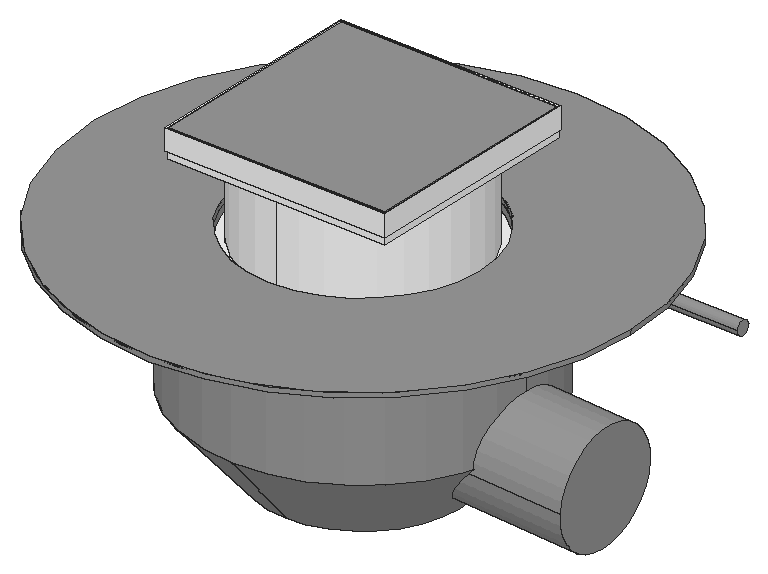
Revit family "HL_RU_Roof drain_HL64.1BF-B-221103", category Instalační zařizovací předměty, Revit 2021
Family settings
  Kóta kulaté spojky = Použít průměr
  Typ dílu = Normální
  Číslo OmniClass = 23.70.50.21.24.14
  Nadpis OmniClass = Deck Waste Water Drains
  Založené na pracovní rovině = Ne
  Vždy vertikální = Ano
  Ořezat dutým tvarem při načtení = Ne
  Sdílené = Ne
  Bod výpočtu místnosti = Ano
Parameters
  РЕШЁТКА = "Edelstahl 137x137mm"
  РАЗМЕР = "DN75"
  ПРОПУСКНАЯ СПОСОБНОСТЬ [instance] = 0.0 L/s
  ПРОИЗВОДИТЕЛЬНОСТЬ = "3,7 l/s"
  ПРАВОВАЯ ИНФОРМАЦИЯ = "Авторские права(©), права на дизайн или какие либо другие права интелектуальной собственности являются исключительной собственностью компании HL Hutterer & Lechner. Изменению не подлежит. Файл семейства с данными о прозводителе изделия защищен паролем с водяным знаком."
  НОМИНАЛЬНЫЙ ДИАМЕТР = 75 mm
  НАСАДКА = "19-65mm/148x148mm"
  МАТЕРИАЛ = "PP"
  МАКСИМАЛЬНАЯ НАГРУЗКА КЛАССА = "K - 300 kg"
  ВЕС = "1,16 [kg]"
  Výchozí výška = 0 mm
  Výrobce = "HL Hutterer & Lechner GmbH"  # constant formula
  URL = "http://www.hutterer-lechner.com/ru/products/catalog/roof-drains/HL64.1BF/7.aspx"
  Материал плитка [instance] = none
  Přípoj ventilace = no
  Přípoj odpadních dílů = yes
  Přípoj HW = no
  Přípoj CW = no
  Popis = "Кровельные воронки"
  Model = "HL64.1BF_7"
  Assembly Code = " "
  Type Comments = "HL64.1BF/7 Кровельная воронка DN75 для эксплуатируемой кровли, горизонтальный выпуск, с ПП_фланцем и электрообогревом (10_30W/230V),"
  Keynote = "HL64.1BF_7"
  EAN = "9003076031566"
  Bысота монтажа [instance] = 65 mm  # constant formula
  G [instance] = 90.00°  # constant formula
  D [instance] = if(НОМИНАЛЬНЫЙ ДИАМЕТР = 75 mm, 162.8 mm, 178 mm)  # 162.8 mm
  C [instance] = if(Bысота монтажа - 68 mm < 0 mm, 0 mm, Bысота монтажа - 68 mm)  # 0 mm
  B [instance] = Bысота монтажа + if(НОМИНАЛЬНЫЙ ДИАМЕТР = 75 mm, 101.7 mm, 84 mm)  # 166.7 mm
  A [instance] = if(B - 100 mm > 15 mm, B - 100 mm, 15 mm)  # 66.7 mm
Types (3, lengths in mm): name | РАЗМЕР | НОМИНАЛЬНЫЙ ДИАМЕТР | ВЕС | URL | Model | Type Comments | Keynote | EAN | D | B | A
  (no name) | "DN75" | 75 | "1,16 [kg]" | "http://www.hutterer-lechner.com/ru/products/catalog/roof-drains/HL64.1BF/7.aspx" | "HL64.1BF_7" | "HL64.1BF/7 Кровельная воронка DN75 для эксплуатируемой кровли, горизонтальный выпуск, с ПП_фланцем и электрообогревом (10_30W/230V)," | "HL64.1BF_7" | "9003076031566" | 162.8 | 166.7 | 66.7
  HL_Кровельная воронка_HL64.1BF_1 | "DN110" | 110 | "1,18 [kg]" | "http://www.hutterer-lechner.com/ru/products/catalog/roof-drains/HL64.1BF/1.aspx" | "HL64.1BF_1" | "HL64.1BF/1 Кровельная воронка DN110 для эксплуатируемой кровли, горизонтальный выпуск, с ПП_фланцем и электрообогревом (10_30W/230V)," | "HL64.1BF_1" | "9003076031580" | 178 | 149 | 49
  HL_Кровельная воронка_HL64.1BF_7 | "DN75" | 75 | "1,16 [kg]" | "http://www.hutterer-lechner.com/ru/products/catalog/roof-drains/HL64.1BF/7.aspx" | "HL64.1BF_7" | "HL64.1BF/7 Кровельная воронка DN75 для эксплуатируемой кровли, горизонтальный выпуск, с ПП_фланцем и электрообогревом (10_30W/230V)," | "HL64.1BF_7" | "9003076031566" | 162.8 | 166.7 | 66.7
Reference planes
  plane 1 "Center (Front/Back)": y = 0
  plane 2: z = 0
  plane 3 "Center (Left/Right)": x = 0
  plane 4: z = -166.7
  plane 5: z = -65
Lines and regions (mm)
  model lines, style "InvisibleLines"
    curve 1: line (0, 0, 0) -> (0, 0, 20)
  model lines, style "PlumbingFixtures", detail levels coarse+medium
    curve 2: line (0, 0, -166.7) -> (0, 0, -100)
    curve 3: line (0, 0, -100) -> (-100, 0, 0)
    curve 4: line (0, 0, -100) -> (100, 0, 0)
    curve 6: line (0, 0, -166.7) -> (162.8, 0, -166.7)
  reference lines, not visible
    curve 5: line (0, 0, -166.7) -> (162.8, 0, -166.7)
  symbolic lines, style "PlumbingFixtures", detail levels coarse+medium
    curve 7: line (-75, 75, 0) -> (75, 75, 0)
    curve 8: line (-75, -75, 0) -> (-75, 75, 0)
    curve 9: line (75, -75, 0) -> (-75, -75, 0)
    curve 10: line (75, 75, 0) -> (75, -75, 0)
    curve 11: line (-75, 75, 0) -> (-145.711, 145.711, 0)
    curve 12: line (75, 75, 0) -> (145.711, 145.711, 0)
    curve 13: line (-75, -75, 0) -> (-145.711, -145.711, 0)
    curve 14: line (75, -75, 0) -> (145.711, -145.711, 0)
  symbolic lines, style "PlumbingFixtures", not visible, detail levels coarse+medium
    curve 15: line (-75, 75, 0) -> (75, 75, 0)
    curve 16: line (-75, -75, 0) -> (-75, 75, 0)
    curve 17: line (75, -75, 0) -> (-75, -75, 0)
    curve 18: line (75, 75, 0) -> (75, -75, 0)
    curve 19: line (-75, 75, 0) -> (-145.711, 145.711, 0)
    curve 20: line (75, 75, 0) -> (145.711, 145.711, 0)
    curve 21: line (-75, -75, 0) -> (-145.711, -145.711, 0)
    curve 22: line (75, -75, 0) -> (145.711, -145.711, 0)
Text (mm)
  text "FLOOR" at (-162.344, 0, -10.979), in view "Drain Construction View"
Dimensions and locks
  "B": plane 2 to plane 4
  "Bысота монтажа": plane 2 to plane 5
  "A": curve 4 to plane 4
  "D": curve 5 to curve 5
  "D": curve 6 to curve 6
  locked: curve 4 to plane 3 "Center (Left/Right)" (angle 45.00°)
  locked: plane 3 "Center (Left/Right)" to curve 3 (angle 45.00°)
  "G": angle curve 5 to plane 3 "Center (Left/Right)"
  aligned and locked: level to plane 2
  aligned and locked: plane 2 to curve 4
  aligned and locked: plane 2 to curve 3
  aligned and locked: plane 4 to curve 5
  aligned and locked: plane 3 "Center (Left/Right)" to curve 5
  aligned and locked: plane 4 to curve 2
  aligned and locked: plane 3 "Center (Left/Right)" to curve 6
  aligned and locked: plane 4 to curve 6
  aligned and locked: plane 2 to nested 1
  aligned and locked: nested 2 to plane 5
Automatic sketch dimensions
  curve 2 to plane 3 "Center (Left/Right)" = 0 mm
  curve 1 to plane 3 "Center (Left/Right)" = 0 mm
  curve 1 to level = 0 mm
  curve 1 to curve 1 = 20 mm
Nested families
  nested 1: "HL_Насадка_HL66.9S" at (0, 0, 0), Bысота монтажа <- "Bысота монтажа", type "HL_Grate frame_HL66.9S"
    with L 93 mm, IHmin 12 mm, IHmax 65 mm, Bысота монтажа 65 mm
  nested 2: "HL_кровельные воронки - корпус_HL64.1F" at (0, 0, -64.538), НОМИНАЛЬНЫЙ ДИАМЕТР <- "НОМИНАЛЬНЫЙ ДИАМЕТР", type "HL_кровельные воронки - корпус_HL64.1F"
    with НОМИНАЛЬНЫЙ ДИАМЕТР 75 mm, Q02 93.275 mm, Q 150 mm, L 163 mm, B 101.5 mm, A 93.5 mm
Connectors
  piping at (162.8, 0, -166.7), diameter 75, driven by "ПРОПУСКНАЯ СПОСОБНОСТЬ", driven by "НОМИНАЛЬНЫЙ ДИАМЕТР"
    settings: on curve 5, index 1, connector inside diameter 609.6 mm, connector length 0 mm, flow factor 0, pipe flow 0.0 L/s, pressure drop 0.0 Pa, fitting loss kfactor 0, connector angle 0.00°, fixture units 0, engagement length 0 mm, angle of deflection 0.00°, flow configuration 1, flow direction 2, fitting loss method 0, system type 16, joint type 0, gender type 0, connector reference index -1, connector utility 0, adjustable connector yes, is connector primary yes, connector description ""
Definition of nested family "HL_Насадка_HL66.9S"
  Parameters (values of type "HL_Grate frame_HL66.9S")
    РЕШЁТКА = "Edelstahl 138x138mm"
    РАЗМЕР = "d 145 mm"
    ПРАВОВАЯ ИНФОРМАЦИЯ = "Авторские права(©), права на дизайн или какие либо другие права интелектуальной собственности являются исключительной собственностью компании HL Hutterer & Lechner. Изменению не подлежит. Файл семейства с данными о прозводителе изделия защищен паролем с водяным знаком."
    НАСАДКА = "147x147mm"
    МАТЕРИАЛ = "PP"
    МАКСИМАЛЬНАЯ НАГРУЗКА КЛАССА = "K - 300 kg"
    ВЫСОТА МОНТАЖА = "12-65mm"
    Материал плитка = none
    ВЕС = "0,345 [kg]"
    Default Elevation = 0 mm
    L [instance] = if(Bысота монтажа < IHmin, -100 mm, if(Bысота монтажа > IHmax, -100 mm, Bысота монтажа + 28 mm))  # 93 mm
    Manufacturer = "HL Hutterer & Lechner GmbH"
    URL = "http://www.hutterer-lechner.com/ru/products/catalog/roof-drains/HL66.9.aspx"
    Description = "Кровельные воронки"
    Model = "HL66.9"
    Type Comments = "HL66.9, Насадка d 145мм с бороздками/147х147мм/138х138мм"
    Keynote = "HL66.9"
    Bысота монтажа [instance] = 65 mm
    IHmin [instance] = 12 mm
    IHmax [instance] = 65 mm
    EAN = "9003076014606"
    Cost = 0
  Reference planes
    plane 1 "Střed (vpředu/vzadu)": y = 0
    plane 2: z = 0
    plane 3 "Střed (vlevo/vpravo)": x = 0
  Forms (mm)
    Revolve 1, solid, detail levels fine
      sketch origin (0, 0, 128) x (0, 1, 0) y (0, 0, 1)
        loop
          line (72.5, -142) -> (69.248, -142) -> (69.248, -221) -> (72.5, -221) -> (72.5, -142)
        axis (0, -142) -> (0, -221)
      angle from 0 to 360
    Extrusion 2, solid, detail levels fine
      sketch origin (-1.537, 0, -14.6) x (0, 1, 0) y (-1, 0, 0)
        loop
          line (74, 72.459) -> (-74, 72.459) -> (-74, -75.537) -> (74, -75.537) -> (74, 72.459)
        loop
          line (73, 71.463) -> (-73, 71.463) -> (-73, -74.537) -> (73, -74.537) -> (73, 71.463)
      from 0.6 to 14.6
    Extrusion 3, solid, detail levels fine
      sketch origin (-1.537, 0, -14) x (-1, 0, 0) y (0, 1, 0)
        loop
          line (71.463, 73) -> (-74.537, 73) -> (-74.537, -73) -> (71.463, -73) -> (71.463, 73)
        loop
          circle (-1.537, 0) r 72.5
      from 0 to 5
    Extrusion 4, solid, detail levels fine
      sketch origin (-1.537, 0, -14) x (-1, 0, 0) y (0, -1, 0)
        loop
          line (70.95, -72.397) -> (70.95, 72.463) -> (-74.05, 72.463) -> (-74.05, -72.397) -> (70.95, -72.397)
      from 0 to 14
    Revolve 5, solid, detail levels fine
      sketch origin (0, 75.989, -93) x (0, -1, 0) y (0, 0, -1)
        loop
          line (3.489, -20) -> (3.489, 0) -> (0.186, 0) -> (-2.325, -2.511) -> (-2.325, -20) -> (3.489, -20)
        axis (75.989, -20) -> (75.989, 0)
      angle from 0 to 360
  Lines and regions (mm)
    model lines, detail levels fine
      curve 1: line (36.25, 24.325, 0) -> (36.25, -24.42, 0)
      curve 2: line (43.75, -24.42, 0) -> (43.75, 24.325, 0)
      curve 3: line (52.25, 40.306, 0) -> (52.25, -40.355, 0)
      curve 4: line (59.75, -40.355, 0) -> (59.75, 40.306, 0)
      curve 5: line (20.25, 8.588, 0) -> (20.25, -8.684, 0)
      curve 6: line (27.75, -8.684, 0) -> (27.75, 8.588, 0)
      curve 7: arc (27.75, 8.588, 0) -> (24, 12.338, 0) -> (20.25, 8.588, 0) r 3.75
      curve 8: arc (20.25, -8.684, 0) -> (24, -12.434, 0) -> (27.75, -8.684, 0) r 3.75
      curve 9: arc (36.25, -24.42, 0) -> (40, -28.17, 0) -> (43.75, -24.42, 0) r 3.75
      curve 10: arc (43.75, 24.325, 0) -> (40, 28.075, 0) -> (36.25, 24.325, 0) r 3.75
      curve 11: arc (59.75, 40.306, 0) -> (56, 44.056, 0) -> (52.25, 40.306, 0) r 3.75
      curve 12: arc (52.25, -40.355, 0) -> (56, -44.105, 0) -> (59.75, -40.355, 0) r 3.75
      curve 13: line (-24.325, -36.25, 0) -> (24.42, -36.25, 0)
      curve 14: line (24.42, -43.75, 0) -> (-24.325, -43.75, 0)
      curve 15: line (-40.306, -52.25, 0) -> (40.355, -52.25, 0)
      curve 16: line (40.355, -59.75, 0) -> (-40.306, -59.75, 0)
      curve 17: line (-8.588, -20.25, 0) -> (8.684, -20.25, 0)
      curve 18: line (8.684, -27.75, 0) -> (-8.588, -27.75, 0)
      curve 19: arc (-8.588, -27.75, 0) -> (-12.338, -24, 0) -> (-8.588, -20.25, 0) r 3.75
      curve 20: arc (8.684, -20.25, 0) -> (12.434, -24, 0) -> (8.684, -27.75, 0) r 3.75
      curve 21: arc (24.42, -36.25, 0) -> (28.17, -40, 0) -> (24.42, -43.75, 0) r 3.75
      curve 22: arc (-24.325, -43.75, 0) -> (-28.075, -40, 0) -> (-24.325, -36.25, 0) r 3.75
      curve 23: arc (-40.306, -59.75, 0) -> (-44.056, -56, 0) -> (-40.306, -52.25, 0) r 3.75
      curve 24: arc (40.355, -52.25, 0) -> (44.105, -56, 0) -> (40.355, -59.75, 0) r 3.75
      curve 25: line (36.25, -24.42, 0) -> (36.25, 24.325, 0)
      curve 26: line (43.75, 24.325, 0) -> (43.75, -24.42, 0)
      curve 27: line (52.25, -40.355, 0) -> (52.25, 40.306, 0)
      curve 28: line (59.75, 40.306, 0) -> (59.75, -40.355, 0)
      curve 29: line (20.25, -8.684, 0) -> (20.25, 8.588, 0)
      curve 30: line (27.75, 8.588, 0) -> (27.75, -8.684, 0)
      curve 31: arc (27.75, -8.588, 0) -> (24, -12.338, 0) -> (20.25, -8.588, 0) r 3.75
      curve 32: arc (20.25, 8.684, 0) -> (24, 12.434, 0) -> (27.75, 8.684, 0) r 3.75
      curve 33: arc (36.25, 24.42, 0) -> (40, 28.17, 0) -> (43.75, 24.42, 0) r 3.75
      curve 34: arc (43.75, -24.325, 0) -> (40, -28.075, 0) -> (36.25, -24.325, 0) r 3.75
      curve 35: arc (59.75, -40.306, 0) -> (56, -44.056, 0) -> (52.25, -40.306, 0) r 3.75
      curve 36: arc (52.25, 40.355, 0) -> (56, 44.105, 0) -> (59.75, 40.355, 0) r 3.75
      curve 37: line (24.42, -36.25, 0) -> (-24.325, -36.25, 0)
      curve 38: line (-24.325, -43.75, 0) -> (24.42, -43.75, 0)
      curve 39: line (40.355, -52.25, 0) -> (-40.306, -52.25, 0)
      curve 40: line (-40.306, -59.75, 0) -> (40.355, -59.75, 0)
      curve 41: line (8.684, -20.25, 0) -> (-8.588, -20.25, 0)
      curve 42: line (-8.588, -27.75, 0) -> (8.684, -27.75, 0)
      curve 43: arc (8.588, -27.75, 0) -> (12.338, -24, 0) -> (8.588, -20.25, 0) r 3.75
      curve 44: arc (-8.684, -20.25, 0) -> (-12.434, -24, 0) -> (-8.684, -27.75, 0) r 3.75
      curve 45: arc (-24.42, -36.25, 0) -> (-28.17, -40, 0) -> (-24.42, -43.75, 0) r 3.75
      curve 46: arc (24.325, -43.75, 0) -> (28.075, -40, 0) -> (24.325, -36.25, 0) r 3.75
      curve 47: arc (40.306, -59.75, 0) -> (44.056, -56, 0) -> (40.306, -52.25, 0) r 3.75
      curve 48: arc (-40.355, -52.25, 0) -> (-44.105, -56, 0) -> (-40.355, -59.75, 0) r 3.75
      curve 49: line (-36.25, 24.325, 0) -> (-36.25, -24.325, 0)
      curve 50: line (-43.75, -24.325, 0) -> (-43.75, 24.325, 0)
      curve 51: line (-52.25, 40.306, 0) -> (-52.25, -40.306, 0)
      curve 52: line (-59.75, -40.306, 0) -> (-59.75, 40.306, 0)
      curve 53: line (-20.25, 8.588, 0) -> (-20.25, -8.588, 0)
      curve 54: line (-27.75, -8.684, 0) -> (-27.75, 8.588, 0)
      curve 55: arc (-27.75, 8.588, 0) -> (-24, 12.338, 0) -> (-20.25, 8.588, 0) r 3.75
      curve 56: arc (-20.25, -8.684, 0) -> (-24, -12.434, 0) -> (-27.75, -8.684, 0) r 3.75
      curve 57: arc (-43.75, 24.325, 0) -> (-40, 28.075, 0) -> (-36.25, 24.325, 0) r 3.75
      curve 58: arc (-59.75, 40.306, 0) -> (-56, 44.056, 0) -> (-52.25, 40.306, 0) r 3.75
      curve 59: line (-36.25, -24.325, 0) -> (-36.25, 24.325, 0)
      curve 60: line (-43.75, 24.325, 0) -> (-43.75, -24.325, 0)
      curve 61: line (-52.25, -40.306, 0) -> (-52.25, 40.306, 0)
      curve 62: line (-59.75, 40.306, 0) -> (-59.75, -40.306, 0)
      curve 63: line (-20.25, -8.588, 0) -> (-20.25, 8.588, 0)
      curve 64: line (-27.75, 8.588, 0) -> (-27.75, -8.684, 0)
      curve 65: arc (-27.75, -8.588, 0) -> (-24, -12.338, 0) -> (-20.25, -8.588, 0) r 3.75
      curve 66: arc (-20.25, 8.684, 0) -> (-24, 12.434, 0) -> (-27.75, 8.684, 0) r 3.75
      curve 67: arc (-36.25, 24.42, 0) -> (-40, 28.17, 0) -> (-43.75, 24.42, 0) r 3.75
      curve 68: arc (-43.75, -24.325, 0) -> (-40, -28.075, 0) -> (-36.25, -24.325, 0) r 3.75
      curve 69: arc (-59.75, -40.306, 0) -> (-56, -44.056, 0) -> (-52.25, -40.306, 0) r 3.75
      curve 70: arc (-52.25, 40.355, 0) -> (-56, 44.105, 0) -> (-59.75, 40.355, 0) r 3.75
      curve 71: line (-24.42, 36.25, 0) -> (24.325, 36.25, 0)
      curve 72: line (24.42, 43.75, 0) -> (-24.42, 43.75, 0)
      curve 73: line (-40.355, 52.25, 0) -> (40.306, 52.25, 0)
      curve 74: line (40.306, 59.75, 0) -> (-40.355, 59.75, 0)
      curve 75: line (-8.588, 20.25, 0) -> (8.588, 20.25, 0)
      curve 76: line (8.684, 27.75, 0) -> (-8.588, 27.75, 0)
      curve 77: arc (-8.588, 27.75, 0) -> (-12.338, 24, 0) -> (-8.588, 20.25, 0) r 3.75
      curve 78: arc (8.684, 20.25, 0) -> (12.434, 24, 0) -> (8.684, 27.75, 0) r 3.75
      curve 79: arc (24.42, 36.25, 0) -> (28.17, 40, 0) -> (24.42, 43.75, 0) r 3.75
      curve 80: line (24.325, 36.25, 0) -> (-24.42, 36.25, 0)
      curve 81: line (-24.42, 43.75, 0) -> (24.42, 43.75, 0)
      curve 82: line (40.306, 52.25, 0) -> (-40.355, 52.25, 0)
      curve 83: line (-40.355, 59.75, 0) -> (40.306, 59.75, 0)
      curve 84: line (8.588, 20.25, 0) -> (-8.588, 20.25, 0)
      curve 85: line (-8.588, 27.75, 0) -> (8.684, 27.75, 0)
      curve 86: arc (8.588, 27.75, 0) -> (12.338, 24, 0) -> (8.588, 20.25, 0) r 3.75
      curve 87: arc (-8.684, 20.25, 0) -> (-12.434, 24, 0) -> (-8.684, 27.75, 0) r 3.75
      curve 88: arc (-24.42, 36.25, 0) -> (-28.17, 40, 0) -> (-24.42, 43.75, 0) r 3.75
      curve 89: arc (24.325, 43.75, 0) -> (28.075, 40, 0) -> (24.325, 36.25, 0) r 3.75
      curve 90: arc (40.306, 59.75, 0) -> (44.056, 56, 0) -> (40.306, 52.25, 0) r 3.75
      curve 91: arc (-40.355, 52.25, 0) -> (-44.105, 56, 0) -> (-40.355, 59.75, 0) r 3.75
    reference lines
      curve 92: line (0, 75.989, -93) -> (0, -174.011, -93)
  Dimensions and locks
    Extrusion 2 sketch curve to Extrusion 2 sketch curve = 147.996 mm
    Extrusion 2 sketch curve to Extrusion 2 sketch curve = 148 mm
    "L": curve 92 to plane 2
    aligned and locked: level to plane 2
    aligned and locked: Revolve 1 to curve 92
  Automatic sketch dimensions
    plane 1 "Střed (vpředu/vzadu)" to Extrusion 2 sketch curve = 74 mm
    Extrusion 2 sketch curve to Extrusion 2 sketch curve = 1 mm  (x3)
    plane 3 "Střed (vlevo/vpravo)" to Extrusion 2 sketch curve = 74 mm
    Extrusion 2 sketch curve to Extrusion 2 sketch curve = 0.996 mm
    Extrusion 3 sketch curve to Extrusion 2 = 0 mm  (x4)
    Extrusion 3 sketch curve to Extrusion 2 = 73 mm  (x2)
    Extrusion 2 to curve 16 = 13.25 mm
    curve 24 to curve 47 = 3.75 mm
    curve 47 to curve 24 = 0 mm
    curve 48 to curve 23 = 0 mm  (x2)
    curve 23 to curve 38 = 8.5 mm
    curve 24 to curve 12 = 11.895 mm
    curve 12 to curve 35 = 0.048 mm
    curve 15 to curve 69 = 11.944 mm
    curve 22 to curve 45 = 3.75 mm
    curve 21 to curve 46 = 3.75 mm
    curve 46 to curve 21 = 0 mm
    curve 22 to curve 18 = 8.5 mm
    curve 21 to curve 9 = 11.83 mm
    curve 13 to curve 49 = 11.925 mm
    curve 9 to curve 34 = 0.095 mm
    curve 18 to curve 19 = 3.75 mm
    curve 44 to curve 19 = 0 mm  (x2)
    curve 43 to curve 20 = 0 mm
    curve 20 to curve 5 = 11.566 mm
    curve 49 to curve 64 = 15.642 mm
    curve 8 to curve 31 = 0.095 mm
    curve 56 to curve 53 = 0.095 mm
    curve 65 to curve 64 = 17.177 mm
    curve 31 to curve 29 = 17.177 mm
    curve 7 to curve 32 = 0.095 mm
    curve 55 to curve 66 = 0.095 mm
    curve 32 to curve 84 = 11.566 mm
    curve 86 to curve 78 = 3.75 mm
    curve 86 to curve 78 = 0 mm
    curve 77 to curve 87 = 3.75 mm
    curve 87 to curve 77 = 0 mm  (x2)
    curve 66 to curve 60 = 15.642 mm
    curve 32 to curve 26 = 15.642 mm
    curve 10 to curve 33 = 0.095 mm
    curve 57 to curve 67 = 0.095 mm
    curve 33 to curve 71 = 11.83 mm
    curve 89 to curve 89 = 3.75 mm
    curve 88 to curve 88 = 3.75 mm
    curve 89 to curve 79 = 0 mm
    curve 33 to curve 11 = 15.886 mm
    curve 67 to curve 51 = 15.886 mm
    curve 58 to curve 70 = 0.048 mm
    curve 11 to curve 36 = 0.048 mm
    curve 70 to curve 73 = 11.895 mm
    curve 90 to curve 90 = 3.75 mm
    Extrusion 2 to curve 28 = 13.25 mm
    curve 4 to curve 11 = 3.75 mm
    curve 35 to curve 12 = 0 mm
    curve 36 to curve 11 = 0 mm
    curve 3 to curve 2 = 8.5 mm
    curve 3 to curve 39 = 11.895 mm
    curve 11 to curve 83 = 11.944 mm
    curve 24 to curve 47 = 0.048 mm
    curve 26 to curve 9 = 3.75 mm
    curve 33 to curve 10 = 0 mm
    curve 34 to curve 9 = 0 mm
    curve 34 to curve 30 = 8.5 mm
    curve 90 to curve 72 = 15.886 mm
    curve 1 to curve 21 = 11.83 mm
    curve 79 to curve 80 = 0.095 mm
    curve 21 to curve 46 = 0.095 mm
    curve 6 to curve 32 = 3.75 mm
    curve 6 to curve 8 = 3.75 mm
    curve 31 to curve 8 = 0 mm
    curve 29 to curve 17 = 11.566 mm
    curve 7 to curve 78 = 11.566 mm
    curve 78 to curve 86 = 0.095 mm
    curve 20 to curve 43 = 0.095 mm
    curve 43 to curve 41 = 17.177 mm
    curve 86 to curve 77 = 17.177 mm
    curve 19 to curve 44 = 0.095 mm
    curve 77 to curve 87 = 0.095 mm
    curve 87 to curve 53 = 11.566 mm
    curve 53 to curve 66 = 3.75 mm
    curve 55 to curve 66 = 0 mm
    curve 56 to curve 54 = 3.75 mm
    curve 65 to curve 56 = 0 mm
    curve 44 to curve 14 = 15.642 mm
    curve 22 to curve 45 = 0.095 mm
    curve 87 to curve 72 = 15.736 mm
    curve 45 to curve 59 = 11.83 mm
    curve 57 to curve 67 = 3.75 mm
    curve 68 to curve 68 = 3.75 mm
    curve 45 to curve 15 = 15.886 mm
    curve 23 to curve 48 = 0.048 mm
    curve 72 to curve 74 = 15.935 mm
    curve 91 to curve 51 = 11.895 mm
    curve 51 to curve 70 = 3.75 mm
    curve 51 to curve 69 = 3.75 mm
    curve 45 to curve 22 = 0 mm
    curve 36 to curve 28 = 0 mm
    curve 33 to curve 2 = 0 mm
    curve 32 to curve 30 = 0 mm
    curve 66 to curve 55 = 0 mm
    curve 67 to curve 57 = 0 mm
    curve 70 to curve 51 = 0 mm
    Extrusion 4 sketch curve to Extrusion 3 = 0.487 mm
    Extrusion 4 sketch curve to Extrusion 3 = 0.513 mm
    Extrusion 4 sketch curve to Extrusion 3 = 0.603 mm
    Extrusion 4 sketch curve to Extrusion 3 = 0.537 mm
    Revolve 1 sketch curve to plane 1 "Střed (vpředu/vzadu)" = 0 mm
    Revolve 1 sketch curve to level = 14 mm
    Revolve 1 sketch curve to plane 1 "Střed (vpředu/vzadu)" = 69.248 mm
    Revolve 1 sketch curve to Revolve 1 sketch curve = 3.252 mm
    Revolve 1 sketch curve to Revolve 1 sketch curve = 79 mm
    Revolve 1 sketch curve to Revolve 1 sketch curve = 17.5 mm
    level to Revolve 1 sketch curve = 144.5 mm
    Revolve 5 sketch curve to curve 92 = 0 mm
    Revolve 5 sketch curve to curve 92 = 2.325 mm
    curve 92 to Revolve 5 sketch curve = 0.186 mm
    curve 92 to Revolve 5 sketch curve = 3.489 mm
    Revolve 5 sketch curve to curve 92 = 2.511 mm
    Revolve 5 sketch curve to curve 92 = 20 mm
    curve 92 to Revolve 5 sketch curve = 75.989 mm
    Revolve 5 sketch curve to curve 92 = 393 mm
    curve 92 to Revolve 5 sketch curve = 207 mm
    plane 1 "Střed (vpředu/vzadu)" to curve 92 = 174.011 mm
    curve 92 to plane 1 "Střed (vpředu/vzadu)" = 75.989 mm
    radius of Extrusion 3 sketch curve = 72.5 mm
Definition of nested family "HL_кровельные воронки - корпус_HL64.1F"
  Parameters (values of type "HL_кровельные воронки - корпус_HL64.1F")
    НОМИНАЛЬНЫЙ ДИАМЕТР [instance] = 110 mm
    Default Elevation = 0 mm
    Manufacturer = ""
    URL = ""
    Q02 [instance] = 93.275 mm
    Q [instance] = 150 mm
    Description = ""
    Model = ""
    L [instance] = if(НОМИНАЛЬНЫЙ ДИАМЕТР = 75 mm, 163 mm, if(НОМИНАЛЬНЫЙ ДИАМЕТР = 110 mm, 178 mm, 0 mm))  # 178 mm
    Type Comments = ""
    Cost = 0
    B [instance] = if(НОМИНАЛЬНЫЙ ДИАМЕТР = 75 mm, 101.5 mm, 84 mm)  # 84 mm
    A [instance] = if(НОМИНАЛЬНЫЙ ДИАМЕТР = 75 mm, 93.5 mm, 75 mm)  # 75 mm
  Reference planes
    plane 1 "Střed (vpředu/vzadu)": y = 0
    plane 2: z = 0
    plane 3 "Střed (vlevo/vpravo)": x = 0
  Forms (mm)
    Extrusion 1, solid, detail levels fine
      sketch origin (0.013, 0.012, 0) x (1, 0, 0) y (0, 1, 0)
        loop
          circle (0, 0) r 180
        loop
          circle (0, 0) r 78.913
      from -0.462 to -3.5
    Extrusion 2, solid, detail levels fine
      sketch origin (0.013, 0.012, -3.5) x (0, 1, 0) y (1, 0, 0)
        loop
          circle (0, 0) r 140
      from 0 to 18
    Extrusion 3, solid, detail levels fine
      sketch origin (0.013, 0.012, -21.5) x (-1, 0, 0) y (0, 1, 0)
        loop
          circle (0, 0) r 110
      from 0 to 73.906
    Blend 4, solid, detail levels fine
      base sketch origin (0.013, 0.012, -95.406) x (0, -1, 0) y (1, 0, 0)
        loop
          circle (0, 0) r 110
      top sketch origin (0.013, 0.012, -95.406) x (0, -1, 0) y (1, 0, 0)
        loop
          circle (0, 0) r 65
      from 0 to -53
    Revolve 5, void
      sketch origin (0.013, 0.012, 0) x (1, 0, 0) y (0, 0, 1)
        loop
          line (-78.913, 0) -> (-78.913, -16.281) -> (-74.694, -23.588) -> (-74.694, -24.914) -> (-75.511, -24.914) -> (-75.511, -30.304) -> (-64.679, -30.304) -> (-64.679, -32.804) -> (0, -32.804) -> (0, 0) -> (-78.913, 0)
        axis (0, 0) -> (0, -32.804)
      angle from 0 to 360
    Extrusion 6, solid, detail levels fine
      sketch origin (0, 0, 0) x (0, 1, 0) y (0, 0, 1)
        loop
          circle (70.204, -23.074) r 4.5
      from 55.926 to 199.171
    Extrusion 7, solid, detail levels fine
      sketch origin (179.265, 0, -54.515) x (0, -1, 0) y (-0.050562, 0, -0.998721)
        loop
          circle (0, 29.523) r 55
      from -0.044 to -100.795
  Cuts and joins
    Revolve 5 cuts Extrusion 1
    Revolve 5 cuts Extrusion 2
    Revolve 5 cuts Extrusion 3
  Lines and regions (mm)
    reference lines
      curve 1: line (0, 0, -75) -> (177.772, 0, -84)
  Dimensions and locks
    "B": plane 2 to curve 1
    "A": plane 2 to curve 1
    locked: curve 1 to plane 3 "Střed (vlevo/vpravo)" at 0
    "L": curve 1 to curve 1
    "НОМИНАЛЬНЫЙ ДИАМЕТР": diameter of Extrusion 7 sketch curve
    aligned and locked: level to plane 2
  Automatic sketch dimensions
    Extrusion 1 sketch curve to Extrusion 1 sketch curve = 0 mm  (x2)
    plane 3 "Střed (vlevo/vpravo)" to Extrusion 1 sketch curve = 0.013 mm
    Extrusion 1 sketch curve to plane 1 "Střed (vpředu/vzadu)" = 0.012 mm
    Revolve 5 sketch curve to level = 0 mm
    Revolve 5 sketch curve to plane 3 "Střed (vlevo/vpravo)" = 78.899 mm
    Revolve 5 sketch curve to Revolve 5 sketch curve = 3.401 mm
    Revolve 5 sketch curve to Revolve 5 sketch curve = 0.817 mm
    Revolve 5 sketch curve to Revolve 5 sketch curve = 10.833 mm
    plane 3 "Střed (vlevo/vpravo)" to Revolve 5 sketch curve = 0.013 mm  (x2)
    Revolve 5 sketch curve to level = 16.281 mm
    Revolve 5 sketch curve to Revolve 5 sketch curve = 7.307 mm
    Revolve 5 sketch curve to Revolve 5 sketch curve = 1.326 mm
    Revolve 5 sketch curve to Revolve 5 sketch curve = 5.39 mm
    Revolve 5 sketch curve to level = 32.804 mm
    level to Revolve 5 sketch curve = 25 mm
    Revolve 5 sketch curve to Revolve 5 sketch curve = 50 mm
    Extrusion 6 sketch curve to level = 23.074 mm
    Extrusion 6 sketch curve to plane 1 "Střed (vpředu/vzadu)" = 70.204 mm
    Extrusion 7 sketch curve to plane 1 "Střed (vpředu/vzadu)" = 0 mm
    radius of Extrusion 1 sketch curve = 180 mm
    radius of Extrusion 1 sketch curve = 78.913 mm
    radius of Extrusion 2 sketch curve to Extrusion 1 = 40 mm
    radius of Extrusion 3 sketch curve to Extrusion 2 = 30 mm
    radius of Blend 4 sketch curve to Extrusion 3 = 0 mm
    radius of Blend 4 sketch curve to Extrusion 3 = 45 mm
    radius of Extrusion 6 sketch curve = 4.5 mm
